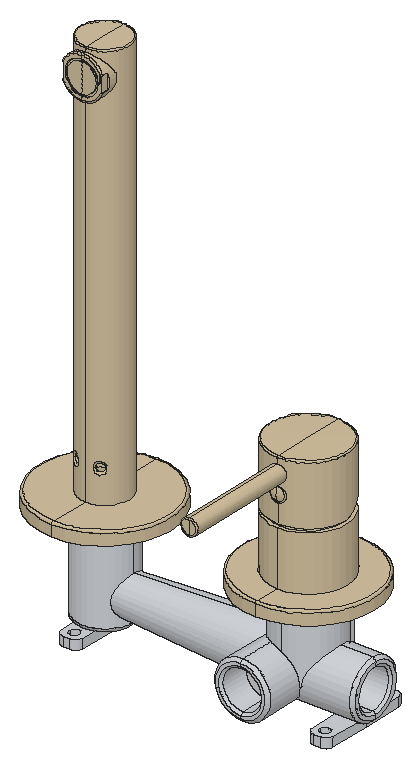
Revit family "Reece_Tap_Mizu_Drift_Wall Basin or Bath Mixer_Straight_2 Cover Plate", category Plumbing Fixtures, host Face, Revit 2018
Family settings
  Host = Face
  Round Connector Dimension = Use Diameter
  Part Type = Normal
  Cut with Voids When Loaded = No
  Shared = Yes
  Room Calculation Point = Yes
Parameters (values of type "194 mm_Brushed Brass")
  WFU = 0  # constant formula
  URL = "https://www.reece.com.au/product/-2267392"
  Type Comments = "Tap"
  Reece_Tap_Reach = 194 mm  # constant formula
  Reece_Tap_Inlet = 25 mm  # constant formula
  Reece_Product_Web Page = "https://www.reece.com.au/product/-2267392"
  Reece_Product_Type = "Tap"  # constant formula
  Reece_Product_Sub Brand = "Drift"  # constant formula
  Reece_Product_Number = "2267392"
  Reece_Product_Mount = "Wall Mounted"  # constant formula
  Reece_Product_Description = "Mizu Drift Wall Basin / Bath Mixer Set with Straight Spout 2 Piece Kit Brushed Brass (6 Star)"
  Reece_Product_Brand = "Mizu"  # constant formula
  Reece_Overall_Projection = 206.5 mm  # constant formula
  Reece_Overall_Height = 106 mm  # constant formula
  Reece_Nozzle_Pipe Radius = 12 mm  # constant formula
  Reece_Material_Main = Reece_Brass_Brushed
  Reece_Detail_Installation = ""
  Reece_Detail_Disclaimer = "THIS FILE IS THE PROPERTY OF THE REECE GROUP. IT MAY NOT BE REPRODUCED, REVERSE-ENGINEERED, OR MODIFIED. ANY REPUBLICATION, TRANSMISSION, OR DISTRIBUTION FOR THE PURPOSE OF COMMERCIALLY EXPLOITING THE FILES IS PROHIBITED."  # constant formula
  Reece_Detail_Connector = ""
  Reece_Detail_Additional = "2 Piece Kit"  # constant formula
  Model = "Drift"
  Manufacturer = "Mizu"
  Keynote = "Product #2267392, Reece_Tap_Mizu_Drift_Wall Basin or Bath Mixer_Straight_2 Cover Plate - 194 mm_Brushed Brass"
  HWFU = 0  # constant formula
  Disclaimer = "THIS FILE IS THE PROPERTY OF THE REECE GROUP. IT MAY NOT BE REPRODUCED, REVERSE-ENGINEERED, OR MODIFIED. ANY REPUBLICATION, TRANSMISSION, OR DISTRIBUTION FOR THE PURPOSE OF COMMERCIALLY EXPLOITING THE FILES IS PROHIBITED."  # constant formula
  Description = "Mizu Drift Wall Basin / Bath Mixer Set with Straight Spout 2 Piece Kit Brushed Brass (6 Star)"
  Default Elevation = 1000 mm
  CWFU = 0  # constant formula
Types (5, lengths in mm): name | URL | Reece_Product_Web Page | Reece_Product_Number | Reece_Product_Description | Reece_Material_Main | Keynote | Description
  194 mm_Brushed Nickel | "https://www.reece.com.au/product/-2267378" | "https://www.reece.com.au/product/-2267378" | "2267378" | "Mizu Drift Wall Basin / Bath Mixer Set with Straight Spout 2 Piece Kit Brushed Nickel (6 Star)" | Reece_Brass_Brushed Nickel | "Product #2267378, Reece_Tap_Mizu_Drift_Wall Basin or Bath Mixer_Straight_2 Cover Plate - 194 mm_Brushed Nickel" | "Mizu Drift Wall Basin / Bath Mixer Set with Straight Spout 2 Piece Kit Brushed Nickel (6 Star)"
  194 mm_Chrome | "https://www.reece.com.au/product/-2267364" | "https://www.reece.com.au/product/-2267364" | "2267364" | "Mizu Drift Wall Basin / Bath Mixer Set with Straight Spout 2 Piece Kit Chrome (6 Star)" | Reece_Brass_Chrome | "Product #2267364, Reece_Tap_Mizu_Drift_Wall Basin or Bath Mixer_Straight_2 Cover Plate - 194 mm_Chrome" | "Mizu Drift Wall Basin / Bath Mixer Set with Straight Spout 2 Piece Kit Chrome (6 Star)"
  194 mm_Matte Black | "https://www.reece.com.au/product/-2267371" | "https://www.reece.com.au/product/-2267371" | "2267371" | "Mizu Drift Wall Basin / Bath Mixer Set with Straight Spout 2 Piece Kit Matte Black (6 Star)" | Reece_Brass_Matte Black | "Product #2267371, Reece_Tap_Mizu_Drift_Wall Basin or Bath Mixer_Straight_2 Cover Plate - 194 mm_Matte Black" | "Mizu Drift Wall Basin / Bath Mixer Set with Straight Spout 2 Piece Kit Matte Black (6 Star)"
  194 mm_Brushed Gunmetal | "https://www.reece.com.au/product/-2267385" | "https://www.reece.com.au/product/-2267385" | "2267385" | "Mizu Drift Wall Basin / Bath Mixer Set with Straight Spout 2 Piece Kit Brushed Gunmetal (6 Star)" | Reece_Brass_Brushed Gunmetal | "Product #2267385, Reece_Tap_Mizu_Drift_Wall Basin or Bath Mixer_Straight_2 Cover Plate - 194 mm_Brushed Gunmetal" | "Mizu Drift Wall Basin / Bath Mixer Set with Straight Spout 2 Piece Kit Brushed Gunmetal (6 Star)"
  194 mm_Brushed Brass | "https://www.reece.com.au/product/-2267392" | "https://www.reece.com.au/product/-2267392" | "2267392" | "Mizu Drift Wall Basin / Bath Mixer Set with Straight Spout 2 Piece Kit Brushed Brass (6 Star)" | Reece_Brass_Brushed | "Product #2267392, Reece_Tap_Mizu_Drift_Wall Basin or Bath Mixer_Straight_2 Cover Plate - 194 mm_Brushed Brass" | "Mizu Drift Wall Basin / Bath Mixer Set with Straight Spout 2 Piece Kit Brushed Brass (6 Star)"
Reference planes
  plane 1 "Center (Front/Back)": y = 0
  plane 2: z = 0
  plane 3 "Center (Left/Right)": x = 0
  plane 4 "Overall Height": z = 206.5
  plane 5 "Center L/S": z = 194
  plane 6: z = 6.5
  plane 7: y = 32.611
  plane 8: y = -73.389
  plane 9: z = 65
Forms (mm)
  Revolve 1, solid, material "Reece_Brass_Brushed" <- "Reece_Material_Main"
    sketch origin (-50, -112.607, -9.727) x (0, 0.139173, -0.990268) y (0, 0.990268, 0.139173)
      loop
        arc (-196.288, 153.418) -> (-196.657, 153.323) -> (-196.85, 152.995) r 0.498
        line (-196.85, 152.995) -> (-198.451, 141.604) -> (-0.397, 113.77) -> (1.273, 125.653) -> (-196.288, 153.418)
      axis (-0.397, 113.77) -> (-198.451, 141.604)
    angle from 0 to 360
  Revolve 2, solid, material "Reece_Brass_Brushed" <- "Reece_Material_Main"
    sketch origin (-50, 0, 0) x (0, 1, 0) y (0, 0, 1)
      loop
        line (32.5, 0) -> (32.5, 5.5)
        arc (32.5, 5.5) -> (32.207, 6.207) -> (31.5, 6.5) r 1
        line (31.5, 6.5) -> (10.25, 6.5) -> (10.25, 3) -> (24, 3) -> (24, 0) -> (32.5, 0)
      axis (0, 6.5) -> (0, 0)
    angle from 0 to 360
  Revolve 3, solid, material "Reece_Brass_Brushed" <- "Reece_Material_Main"
    sketch origin (49.911, 0.055, -117.916) x (0, 1, 0) y (0, 0, 1)
      loop
        line (-19, 151.032) -> (-19, 117.916) -> (0, 117.916) -> (0, 157.032) -> (-13.55, 157.032) -> (-13.55, 160.716)
        arc (-13.55, 160.716) -> (-15.908, 156.1) -> (-17, 151.032) r 20
        line (-17, 151.032) -> (-19, 151.032)
      axis (0, 160.716) -> (0, 117.916)
    angle from 0 to 360
  Extrusion 4, void
    sketch origin (49.911, 5.683, 44.859) x (0, -0.91357, -0.406681) y (1, 0, 0)
      loop
        line (39.237, 24.5) -> (-51.116, 24.5) -> (-51.116, -24.5) -> (39.237, -24.5) -> (39.237, 24.5)
    from -20.185 to -6.612
  Revolve 5, solid, material "Reece_Brass_Brushed" <- "Reece_Material_Main"
    sketch origin (49.911, 0.055, -119) x (0, 1, 0) y (0, 0, 1)
      loop
        line (-73.445, 176.258) -> (-11.215, 176.258) -> (-11.215, 179.458) -> (-12.015, 180.258) -> (-72.945, 180.258)
        arc (-72.945, 180.258) -> (-73.298, 180.112) -> (-73.445, 179.758) r 0.5
        line (-73.445, 179.758) -> (-73.445, 176.258)
      axis (-11.215, 176.258) -> (-73.445, 176.258)
    angle from 0 to 360
  Revolve 6, solid, material "Reece_Brass_Brushed" <- "Reece_Material_Main"
    sketch origin (49.911, 0.055, -119) x (0, 1, 0) y (0, 0, 1)
      loop
        arc (-18.424, 183.634) -> (-18.833, 183.45) -> (-19, 183.034) r 0.6
        line (-19, 183.034) -> (-19, 154.116) -> (-17.998, 154.116) -> (-17.5, 161.235) -> (-17.5, 164.116) -> (0, 164.116) -> (0, 184)
        arc (0, 184) -> (-9.214, 183.908) -> (-18.424, 183.634) r 466.11
      axis (0, 184) -> (0, 154.116)
    angle from 0 to 360
  Revolve 7, solid, material "Reece_Brass_Brushed" <- "Reece_Material_Main"
    sketch origin (49.911, 0.055, 0.5) x (0, 1, 0) y (0, 0, 1)
      loop
        arc (-31.555, 6) -> (-32.262, 5.707) -> (-32.555, 5) r 1
        line (-32.555, 5) -> (-32.555, -0.5) -> (-19.305, -0.5) -> (-19.305, 6) -> (-31.555, 6)
      axis (0, 6) -> (0, -0.5)
    angle from 0 to 360
  Revolve 8, void
    sketch origin (-53.474, -6.018, 22.5) x (0.5, 0.866025, 0) y (-0.866025, 0.5, 0)
      loop
        line (-3.414, 2.1) -> (-4.254, 2.1) -> (-5.911, 4.186) -> (-5.911, 0) -> (-3.643, 0)
        arc (-3.643, 0) -> (-3.604, 1.058) -> (-3.414, 2.1) r 7.404
      axis (-5.911, 0) -> (-3.414, 0)
    angle from 0 to 360
  Revolve 9, void
    sketch origin (-46.526, -6.018, 22.5) x (-0.5, 0.866025, 0) y (-0.866025, -0.5, 0)
      loop
        arc (-3.414, -2.1) -> (-3.604, -1.058) -> (-3.643, 0) r 7.404
        line (-3.643, 0) -> (-5.911, 0) -> (-5.911, -4.186) -> (-4.254, -2.1) -> (-3.414, -2.1)
      axis (-5.911, 0) -> (-3.414, 0)
    angle from 0 to 360
  Extrusion 10, solid
    sketch origin (49.911, 7.086, -35) x (0, -1, 0) y (0, 0, 1)
      loop
        arc (-8.914, -1.5) -> (-5.253, -10.339) -> (3.586, -14) r 12.5
        line (3.586, -14) -> (7.086, -14) -> (7.086, -11) -> (3.586, -11)
        arc (3.586, -11) -> (-3.132, -8.218) -> (-5.914, -1.5) r 9.5
        line (-5.914, -1.5) -> (-5.914, 35) -> (-12.914, 35) -> (-12.914, 33.5)
        arc (-12.914, 33.5) -> (-12.621, 32.793) -> (-11.914, 32.5) r 1
        line (-11.914, 32.5) -> (-10.914, 32.5)
        arc (-10.914, 32.5) -> (-9.5, 31.914) -> (-8.914, 30.5) r 2
        line (-8.914, 30.5) -> (-8.914, -1.5)
    from 9.327 to -9.327
  Revolve 11, solid
    sketch origin (49.911, 7.086, -35) x (0, -1, 0) y (0, 0, 1)
      loop
        line (27.086, 33.5) -> (27.086, 35) -> (7.086, 35) -> (7.086, -1.146) -> (23.086, -1.146) -> (23.086, 30.5)
        arc (23.086, 30.5) -> (23.671, 31.914) -> (25.086, 32.5) r 2
        line (25.086, 32.5) -> (26.086, 32.5)
        arc (26.086, 32.5) -> (26.793, 32.793) -> (27.086, 33.5) r 1
      axis (7.086, 35) -> (7.086, -1.146)
    angle from 0 to 360
  Extrusion 12, void
    sketch origin (49.911, 7.086, -35) x (0, -1, 0) y (0, 0, 1)
      loop
        arc (-29.2, -13.737) -> (-25.539, -22.576) -> (-16.7, -26.237) r 12.5
        line (-16.7, -26.237) -> (7.086, -26.237) -> (7.086, -11) -> (3.586, -11)
        arc (3.586, -11) -> (-3.132, -8.218) -> (-5.914, -1.5) r 9.5
        line (-5.914, -1.5) -> (-5.914, 35) -> (-12.914, 35) -> (-12.914, 33.5)
        arc (-12.914, 33.5) -> (-12.621, 32.793) -> (-11.914, 32.5) r 1
        line (-11.914, 32.5) -> (-29.2, 32.5) -> (-29.2, -13.737)
    from 23.664 to -25.317
  Revolve 13, solid
    sketch origin (49.911, 7.086, -35) x (0, -1, 0) y (0, 0, 1)
      loop
        line (27.086, 33.5) -> (27.086, 35) -> (7.086, 35) -> (7.086, 30.5) -> (23.086, 30.5)
        arc (23.086, 30.5) -> (23.671, 31.914) -> (25.086, 32.5) r 2
        line (25.086, 32.5) -> (26.086, 32.5)
        arc (26.086, 32.5) -> (26.793, 32.793) -> (27.086, 33.5) r 1
      axis (7.086, 35) -> (7.086, 30.5)
    angle from 0 to 360
  Revolve 14, solid
    sketch origin (43, 7.086, -35) x (0, -1, 0) y (0, 0, 1)
      loop
        line (8.163, -13.75) -> (38.586, -13.75) -> (40.086, -12.25) -> (40.086, -10.7) -> (38.886, -9.5) -> (25.086, -9.5) -> (25.086, 0) -> (8.163, 0) -> (8.163, -13.75)
      axis (8.163, 0) -> (40.086, 0)
    angle from 0 to 360
  Revolve 15, solid
    sketch origin (0, 0, 0) x (1, 0, 0) y (0, 0, 1)
      loop
        line (-48.087, -44.103) -> (43, -49) -> (81.5, -49) -> (83, -47.5) -> (83, -45.7) -> (81.8, -44.5) -> (68, -44.5) -> (68, -35) -> (-48.087, -35) -> (-48.087, -44.103)
      axis (83, -35) -> (-48.087, -35)
    angle from 0 to 360
  Revolve 16, solid
    sketch origin (0, 0, 0) x (1, 0, 0) y (0, 0, 1)
      loop
        line (-50, 3.5) -> (-64, 3.5) -> (-64, -46.75)
        arc (-64, -46.75) -> (-63.414, -48.164) -> (-62, -48.75) r 2
        line (-62, -48.75) -> (-50, -48.75) -> (-50, 3.5)
      axis (-50, -48.75) -> (-50, 3.5)
    angle from 0 to 360
  Extrusion 17, solid
    sketch origin (0, 0, 0) x (1, 0, 0) y (0, 1, 0)
      loop
        line (-44.179, 0) -> (-44.882, 20.122)
        arc (-44.882, 20.122) -> (-45.949, 22.518) -> (-48.38, 23.5) r 3.5
        line (-48.38, 23.5) -> (-51.62, 23.5)
        arc (-51.62, 23.5) -> (-54.051, 22.518) -> (-55.118, 20.122) r 3.5
        line (-55.118, 20.122) -> (-55.821, 0) -> (-55.118, -20.122)
        arc (-55.118, -20.122) -> (-54.051, -22.518) -> (-51.62, -23.5) r 3.5
        line (-51.62, -23.5) -> (-48.38, -23.5)
        arc (-48.38, -23.5) -> (-45.949, -22.518) -> (-44.882, -20.122) r 3.5
        line (-44.882, -20.122) -> (-44.179, 0)
      loop
        circle (-50, 18.5) r 2.5
      loop
        circle (-50, -18.5) r 2.5
      loop
        line (78.118, -20.122) -> (78.821, 0) -> (78.118, 20.122)
        arc (78.118, 20.122) -> (77.051, 22.518) -> (74.62, 23.5) r 3.5
        line (74.62, 23.5) -> (71.38, 23.5)
        arc (71.38, 23.5) -> (68.949, 22.518) -> (67.882, 20.122) r 3.5
        line (67.882, 20.122) -> (67.179, 0) -> (67.882, -20.122)
        arc (67.882, -20.122) -> (68.949, -22.518) -> (71.38, -23.5) r 3.5
        line (71.38, -23.5) -> (74.62, -23.5)
        arc (74.62, -23.5) -> (77.051, -22.518) -> (78.118, -20.122) r 3.5
      loop
        circle (73, -18.5) r 2.5
      loop
        circle (73, 18.5) r 2.5
    from -52.75 to -48.3
  Revolve 18, void
    sketch origin (49.911, 7.086, -35) x (0, -1, 0) y (0, 0, 1)
      loop
        line (27.086, -11.609) -> (27.086, 38.751) -> (7.086, 38.751) -> (7.086, -11.609) -> (27.086, -11.609)
      axis (7.086, 38.751) -> (7.086, -11.609)
    angle from 0 to 360
  Revolve 19, void
    sketch origin (0, 0, 0) x (1, 0, 0) y (0, 0, 1)
      loop
        line (-50, 11.25) -> (-64, 11.25) -> (-64, -48.75) -> (-50, -48.75) -> (-50, 11.25)
      axis (-50, -48.75) -> (-50, 11.25)
    angle from 0 to 360
  Revolve 20, solid, material "Reece_Brass_Brushed" <- "Reece_Material_Main"
    sketch origin (49.911, 0.967, -121.614) x (0, -1, 0) y (0, 0, -1)
      loop
        arc (19.269, -173.642) -> (19.651, -173.532) -> (19.915, -173.234) r 0.716
        arc (19.915, -173.234) -> (20.503, -171.536) -> (20.702, -169.75) r 8.104
        line (20.702, -169.75) -> (16.178, -169.75) -> (16.178, -173.642) -> (19.269, -173.642)
      axis (16.178, -169.75) -> (20.702, -169.75)
    angle from 0 to 360
  Revolve 21, void
    sketch origin (49.911, 0.967, -121.614) x (0, -1, 0) y (0, 0, -1)
      loop
        arc (20.458, -173.621) -> (20.84, -173.51) -> (21.104, -173.213) r 0.716
        arc (21.104, -173.213) -> (21.689, -171.525) -> (21.891, -169.75) r 8.104
        line (21.891, -169.75) -> (17.922, -169.75) -> (17.922, -173.621) -> (20.458, -173.621)
      axis (17.922, -169.75) -> (21.891, -169.75)
    angle from 0 to 360
  Revolve 22, solid, material "Reece_Brass_Brushed" <- "Reece_Material_Main"
    sketch origin (-50, -109.164, 56.66) x (0, 0.139173, -0.990268) y (0, 0.990268, 0.139173)
      loop
        arc (-133.111, 115.207) -> (-133.015, 114.836) -> (-132.685, 114.642) r 0.5
        line (-132.685, 114.642) -> (-122.782, 113.251) -> (-120.106, 132.294) -> (-130.504, 133.756) -> (-133.111, 115.207)
      axis (-122.782, 113.251) -> (-120.106, 132.294)
    angle from 0 to 360
  Revolve 23, void
    sketch origin (-50, -109.164, 58.46) x (0, 0.139173, -0.990268) y (0, 0.990268, 0.139173)
      loop
        line (-128.023, 114.365) -> (-129.064, 114.512) -> (-129.194, 113.586) -> (-128.153, 113.44) -> (-128.023, 114.365)
      axis (-121.078, 112.446) -> (-120.939, 113.436)
    angle from 0 to 360
  Extrusion 24, void
    sketch origin (-50, -107.533, 57.385) x (0, 0.150677, -0.988583) y (0, 0.988583, 0.150677)
      loop
        line (-116.403, 116.238) -> (-124.512, 117.474) -> (-125.375, 111.811) -> (-117.266, 110.575) -> (-116.403, 116.238)
    from -11.747 to -9
  Extrusion 25, void
    sketch origin (-50, -107.533, 57.385) x (0, 0.150677, -0.988583) y (0, -0.988583, -0.150677)
      loop
        line (-116.403, -116.238) -> (-117.266, -110.575) -> (-125.375, -111.811) -> (-124.512, -117.474) -> (-116.403, -116.238)
    from -11.747 to -9
Cuts and joins
  Revolve 8, Revolve 9 cuts Revolve 1
  Revolve 23, Extrusion 24, Extrusion 25 cuts Revolve 22
  joined: Revolve 1, Revolve 2, Revolve 22
  Extrusion 4, Revolve 21 cuts Revolve 6
  joined: Revolve 5, Revolve 6
  Extrusion 12 cuts Revolve 11
  joined: Revolve 11, Revolve 13, Revolve 14, Revolve 15, Revolve 16, Extrusion 17
Lines and regions (mm)
  reference lines
    curve 1: line (-50, 0, 10.73) -> (-50, 0, 174.228)
    curve 2: line (49.911, -27.613, 23.883) -> (49.911, 43.373, 55.483)
Text (mm)
  text "Reece Copyright © 2018, Reece Ltd." at (-654.758, -253.75, 0), in view "Ref. Level"
  text "Reece ©" at (89.411, 471.952, 360.32), in view "Reece Preview"
Dimensions and locks
  "Reece_Nozzle_Pipe Radius": Revolve 1 sketch curve to Revolve 1 sketch curve
  locked: Revolve 1 sketch curve to Revolve 1 sketch curve at 0
  locked: Revolve 3 sketch curve to Revolve 3 sketch curve at 6
  Revolve 3 sketch curve to Revolve 3 sketch curve = 19 mm
  Extrusion 4 sketch curve to Extrusion 4 sketch curve = 49 mm
  locked: Revolve 5 sketch curve to Revolve 5 sketch curve at 4
  "Reece_Overall_Height": plane 8 to plane 7
  "Reece_Overall_Projection": plane 4 "Overall Height" to level
  "Reece_Tap_Reach": plane 5 "Center L/S" to host face
  aligned and locked: plane 2 to host face
  aligned and locked: level to host face
  aligned and locked: curve 1 to Revolve 1 sketch curve
  aligned and locked: Revolve 6 sketch curve to Revolve 6 sketch curve
Automatic sketch dimensions
  host sketch curve to host sketch curve = 380.785 mm
  host sketch curve to host sketch curve = 317.421 mm
  curve 1 to plane 1 "Center (Front/Back)" = 0 mm
  level to curve 1 = 10.73 mm
  Revolve 2 sketch curve to plane 1 "Center (Front/Back)" = 0 mm
  Revolve 2 sketch curve to level = 0 mm
  level to Revolve 2 sketch curve = 3 mm
  Revolve 2 sketch curve to plane 1 "Center (Front/Back)" = 10.25 mm
  Revolve 2 sketch curve to Revolve 2 sketch curve = 13.75 mm
  Revolve 2 sketch curve to Revolve 2 sketch curve = 7.5 mm
  Revolve 2 sketch curve to Revolve 2 sketch curve = 1 mm
  level to Revolve 2 sketch curve = 5.5 mm
  Revolve 2 sketch curve to level = 609.6 mm
  plane 4 "Overall Height" to Revolve 2 sketch curve = 2138.807 mm
  plane 1 "Center (Front/Back)" to curve 2 = 27.613 mm
  level to curve 2 = 23.883 mm
  curve 2 to plane 1 "Center (Front/Back)" = 43.373 mm
  plane 3 "Center (Left/Right)" to Extrusion 4 sketch curve = 74.411 mm
  Extrusion 4 sketch curve to Extrusion 4 sketch curve = 90.354 mm
  Revolve 7 sketch curve to level = 0 mm
  plane 1 "Center (Front/Back)" to Revolve 7 sketch curve = 32.5 mm
  Revolve 7 sketch curve to Revolve 7 sketch curve = 1 mm
  Revolve 7 sketch curve to Revolve 7 sketch curve = 12.25 mm
  level to Revolve 7 sketch curve = 5.5 mm
  Revolve 7 sketch curve to plane 1 "Center (Front/Back)" = 0.055 mm
  Revolve 7 sketch curve to level = 340.31 mm
  plane 4 "Overall Height" to Revolve 7 sketch curve = 2240.87 mm
  Revolve 8 sketch curve to Revolve 8 sketch curve = 0.229 mm
  Revolve 8 sketch curve to Revolve 8 sketch curve = 0.839 mm
  Revolve 8 sketch curve to Revolve 8 sketch curve = 2.268 mm
  Revolve 8 sketch curve to Revolve 8 sketch curve = 1.657 mm
  Revolve 8 sketch curve to Revolve 8 sketch curve = 2.086 mm
  Revolve 9 sketch curve to Revolve 9 sketch curve = 0.839 mm
  Revolve 9 sketch curve to Revolve 9 sketch curve = 1.657 mm  (x2)
  Revolve 9 sketch curve to Revolve 9 sketch curve = 2.086 mm
  Extrusion 10 sketch curve to Extrusion 10 sketch curve = 0 mm  (x5)
  Extrusion 10 sketch curve to Extrusion 10 sketch curve = 1 mm  (x2)
  Extrusion 10 sketch curve to Extrusion 10 sketch curve = 2 mm
  Extrusion 10 sketch curve to Extrusion 10 sketch curve = 3 mm  (x2)
  Extrusion 10 sketch curve to Extrusion 10 sketch curve = 3.5 mm
  Extrusion 10 sketch curve to Extrusion 10 sketch curve = 4.5 mm
  Revolve 11 sketch curve to Revolve 11 sketch curve = 16 mm
  Revolve 11 sketch curve to Revolve 11 sketch curve = 2 mm
  Revolve 11 sketch curve to Revolve 11 sketch curve = 1 mm  (x2)
  Extrusion 12 sketch curve to Extrusion 12 sketch curve = 12.5 mm
  Extrusion 12 sketch curve to Extrusion 12 sketch curve = 1 mm
  Extrusion 12 sketch curve to Extrusion 12 sketch curve = 3.5 mm
  Extrusion 12 sketch curve to Extrusion 12 sketch curve = 1.5 mm
  Revolve 13 sketch curve to Revolve 13 sketch curve = 16 mm
  Revolve 13 sketch curve to Revolve 13 sketch curve = 2 mm
  Revolve 13 sketch curve to Revolve 13 sketch curve = 1 mm  (x2)
  Revolve 13 sketch curve to Revolve 13 sketch curve = 1.5 mm
  Revolve 15 sketch curve to plane 3 "Center (Left/Right)" = 48.087 mm
  plane 3 "Center (Left/Right)" to Revolve 15 sketch curve = 43 mm
  Revolve 15 sketch curve to Revolve 15 sketch curve = 25 mm
  Revolve 15 sketch curve to Revolve 15 sketch curve = 13.5 mm
  Revolve 15 sketch curve to Revolve 15 sketch curve = 0.3 mm
  Revolve 15 sketch curve to Revolve 15 sketch curve = 1.5 mm  (x2)
  Revolve 15 sketch curve to level = 49 mm
  Revolve 15 sketch curve to Revolve 15 sketch curve = 0 mm  (x2)
  Revolve 15 sketch curve to Revolve 15 sketch curve = 1.8 mm
  Revolve 15 sketch curve to Revolve 15 sketch curve = 1.2 mm
  Revolve 15 sketch curve to level = 44.103 mm
  Revolve 15 sketch curve to Revolve 15 sketch curve = 9.5 mm
  Revolve 15 sketch curve to Revolve 15 sketch curve = 12.337 mm
  Revolve 15 sketch curve to Revolve 15 sketch curve = 25.491 mm
  level to Revolve 16 sketch curve = 3.5 mm
  Revolve 16 sketch curve to plane 3 "Center (Left/Right)" = 64 mm
  Revolve 16 sketch curve to Revolve 16 sketch curve = 2 mm
  Revolve 16 sketch curve to Revolve 16 sketch curve = 14 mm
  Revolve 16 sketch curve to level = 46.75 mm
  Revolve 16 sketch curve to Revolve 16 sketch curve = 0 mm
  Revolve 16 sketch curve to level = 4.525 mm
  Revolve 16 sketch curve to Revolve 16 sketch curve = 17.25 mm
  plane 1 "Center (Front/Back)" to Extrusion 17 sketch curve = 0 mm  (x4)
  Extrusion 17 sketch curve to plane 3 "Center (Left/Right)" = 55.821 mm
  Extrusion 17 sketch curve to plane 1 "Center (Front/Back)" = 20.122 mm  (x4)
  Extrusion 17 sketch curve to Extrusion 17 sketch curve = 0.703 mm  (x4)
  plane 1 "Center (Front/Back)" to Extrusion 17 sketch curve = 20.122 mm  (x4)
  Extrusion 17 sketch curve to Extrusion 17 sketch curve = 3.498 mm  (x8)
  Extrusion 17 sketch curve to Extrusion 17 sketch curve = 1.62 mm  (x5)
  Extrusion 17 sketch curve to Extrusion 17 sketch curve = 3.24 mm  (x3)
  Extrusion 17 sketch curve to Extrusion 17 sketch curve = 11.641 mm  (x2)
  plane 3 "Center (Left/Right)" to Extrusion 17 sketch curve = 67.179 mm
  Extrusion 17 sketch curve to Extrusion 17 sketch curve = 3.378 mm  (x2)
  Extrusion 17 sketch curve to Extrusion 17 sketch curve = 1.5 mm  (x4)
  Extrusion 17 sketch curve to Extrusion 17 sketch curve = 1.622 mm  (x2)
  Revolve 19 sketch curve to plane 3 "Center (Left/Right)" = 64 mm
  Revolve 19 sketch curve to Revolve 19 sketch curve = 14 mm
  Revolve 19 sketch curve to level = 48.75 mm
  level to Revolve 19 sketch curve = 11.25 mm
  Revolve 19 sketch curve to Revolve 19 sketch curve = 0 mm
  Revolve 19 sketch curve to Revolve 19 sketch curve = 17.25 mm
  Revolve 19 sketch curve to level = 4.525 mm
  plane 1 "Center (Front/Back)" to Revolve 20 sketch curve = 11.631 mm
  Revolve 20 sketch curve to Revolve 20 sketch curve = 3.58 mm
  Revolve 20 sketch curve to Revolve 20 sketch curve = 3.091 mm
  Revolve 20 sketch curve to Revolve 20 sketch curve = 1.433 mm
  Revolve 20 sketch curve to Revolve 20 sketch curve = 0.716 mm
  Revolve 20 sketch curve to Revolve 20 sketch curve = 3.892 mm
  Revolve 20 sketch curve to Revolve 20 sketch curve = 0.925 mm
  Revolve 20 sketch curve to Revolve 20 sketch curve = 4.804 mm
  Revolve 20 sketch curve to Revolve 20 sketch curve = 0 mm
  plane 1 "Center (Front/Back)" to Revolve 21 sketch curve = 12.82 mm
  Revolve 21 sketch curve to Revolve 21 sketch curve = 4.135 mm
  Revolve 21 sketch curve to Revolve 21 sketch curve = 2.536 mm
  Revolve 21 sketch curve to Revolve 21 sketch curve = 1.433 mm
  Revolve 21 sketch curve to Revolve 21 sketch curve = 0.716 mm
  Revolve 21 sketch curve to Revolve 21 sketch curve = 3.871 mm
  Revolve 21 sketch curve to Revolve 21 sketch curve = 0.021 mm
  Revolve 21 sketch curve to Revolve 21 sketch curve = 0.264 mm
  Revolve 21 sketch curve to Revolve 21 sketch curve = 3.615 mm
  Revolve 21 sketch curve to Revolve 21 sketch curve = 0 mm
  plane 1 "Center (Front/Back)" to Revolve 5 sketch curve = 73.389 mm
  Revolve 5 sketch curve to Revolve 5 sketch curve = 0.5 mm
  plane 1 "Center (Front/Back)" to Revolve 5 sketch curve = 11.96 mm
  Revolve 5 sketch curve to Revolve 5 sketch curve = 0.8 mm  (x2)
  Revolve 5 sketch curve to Revolve 5 sketch curve = 1.183 mm
  Revolve 5 sketch curve to plane 1 "Center (Front/Back)" = 0.242 mm
  Revolve 5 sketch curve to Revolve 5 sketch curve = 0 mm
  plane 6 to curve 2 = 48.983 mm
  plane 6 to Revolve 5 sketch curve = 50.758 mm
  plane 6 to Revolve 20 sketch curve = 45.528 mm
  plane 6 to Revolve 21 sketch curve = 45.507 mm
  Revolve 3 sketch curve to level = 0 mm
  plane 1 "Center (Front/Back)" to Revolve 3 sketch curve = 18.945 mm
  Revolve 3 sketch curve to Revolve 3 sketch curve = 2 mm
  Revolve 3 sketch curve to Revolve 3 sketch curve = 3.45 mm
  Revolve 3 sketch curve to plane 1 "Center (Front/Back)" = 0.055 mm
  Revolve 3 sketch curve to plane 1 "Center (Front/Back)" = 2.988 mm
  plane 6 to Revolve 3 sketch curve = 24.972 mm
  Revolve 3 sketch curve to Revolve 3 sketch curve = 1.644 mm
  Revolve 3 sketch curve to Revolve 3 sketch curve = 458.726 mm
  plane 4 "Overall Height" to Revolve 3 sketch curve = 2122.454 mm
  curve 1 to plane 5 "Center L/S" = 19.772 mm
  plane 1 "Center (Front/Back)" to Revolve 8 sketch curve = 0 mm
  plane 1 "Center (Front/Back)" to Revolve 8 sketch curve = 9.044 mm
  Revolve 8 sketch curve to plane 3 "Center (Left/Right)" = 60.055 mm
  Revolve 8 sketch curve to Revolve 8 sketch curve = 7.171 mm
  Revolve 8 sketch curve to Revolve 8 sketch curve = 1.844 mm
  Revolve 8 sketch curve to Revolve 8 sketch curve = 3.643 mm
  Revolve 8 sketch curve to Revolve 8 sketch curve = 3.192 mm
  plane 1 "Center (Front/Back)" to Revolve 9 sketch curve = 0 mm
  plane 1 "Center (Front/Back)" to Revolve 9 sketch curve = 9.044 mm
  Revolve 9 sketch curve to plane 3 "Center (Left/Right)" = 39.945 mm
  Revolve 9 sketch curve to Revolve 9 sketch curve = 0.229 mm
  Revolve 9 sketch curve to Revolve 9 sketch curve = 7.171 mm
  Revolve 9 sketch curve to Revolve 9 sketch curve = 1.844 mm
  Revolve 9 sketch curve to Revolve 9 sketch curve = 3.643 mm
  Revolve 9 sketch curve to Revolve 9 sketch curve = 3.192 mm
  Extrusion 10 sketch curve to level = 0 mm
  Extrusion 10 sketch curve to plane 1 "Center (Front/Back)" = 0 mm
  Extrusion 10 sketch curve to Extrusion 10 sketch curve = 9.5 mm
  Extrusion 10 sketch curve to Extrusion 10 sketch curve = 32 mm
  Revolve 11 sketch curve to plane 1 "Center (Front/Back)" = 0 mm  (x2)
  Revolve 11 sketch curve to level = 0 mm
  Revolve 11 sketch curve to level = 1.5 mm
  Revolve 11 sketch curve to Revolve 11 sketch curve = 31.646 mm
  plane 6 to Revolve 11 sketch curve = 23.5 mm
  Revolve 11 sketch curve to Revolve 11 sketch curve = 10 mm
  Extrusion 12 sketch curve to level = 0 mm
  Extrusion 12 sketch curve to plane 1 "Center (Front/Back)" = 0 mm
  Extrusion 12 sketch curve to Extrusion 12 sketch curve = 9.5 mm
  Extrusion 12 sketch curve to plane 1 "Center (Front/Back)" = 13 mm
  Extrusion 12 sketch curve to Extrusion 12 sketch curve = 6 mm
  plane 7 to Extrusion 12 sketch curve = 8.824 mm
  Extrusion 12 sketch curve to level = 36.5 mm
  Extrusion 12 sketch curve to Extrusion 12 sketch curve = 0 mm
  Extrusion 12 sketch curve to Extrusion 12 sketch curve = 12.237 mm
  Revolve 13 sketch curve to plane 1 "Center (Front/Back)" = 0 mm  (x2)
  Revolve 13 sketch curve to level = 0 mm
  plane 6 to Revolve 13 sketch curve = 23.5 mm
  Revolve 13 sketch curve to Revolve 13 sketch curve = 10 mm
  plane 1 "Center (Front/Back)" to Revolve 14 sketch curve = 1.078 mm
  Revolve 14 sketch curve to Revolve 14 sketch curve = 16.922 mm
  Revolve 14 sketch curve to Revolve 14 sketch curve = 13.5 mm
  Revolve 14 sketch curve to Revolve 14 sketch curve = 0.3 mm
  Revolve 14 sketch curve to Revolve 14 sketch curve = 1.5 mm  (x2)
  Revolve 14 sketch curve to level = 48.75 mm
  Revolve 14 sketch curve to Revolve 14 sketch curve = 1.55 mm
  Revolve 14 sketch curve to Revolve 14 sketch curve = 4.25 mm
  Revolve 14 sketch curve to Revolve 14 sketch curve = 9.5 mm  (x2)
  Revolve 14 sketch curve to plane 1 "Center (Front/Back)" = 7.086 mm
  Revolve 14 sketch curve to Revolve 14 sketch curve = 1.114 mm
  Revolve 18 sketch curve to plane 1 "Center (Front/Back)" = 0 mm  (x2)
  Revolve 18 sketch curve to plane 6 = 2.749 mm
  plane 1 "Center (Front/Back)" to Revolve 18 sketch curve = 20 mm
  Revolve 18 sketch curve to level = 46.609 mm
  plane 6 to Revolve 18 sketch curve = 23.5 mm
  Revolve 18 sketch curve to Revolve 18 sketch curve = 10 mm
  Revolve 6 sketch curve to Revolve 6 sketch curve = 0.6 mm
  Revolve 6 sketch curve to Revolve 6 sketch curve = 1.002 mm
  Revolve 6 sketch curve to Revolve 6 sketch curve = 0.498 mm
  Revolve 6 sketch curve to plane 9 = 0 mm
  Revolve 6 sketch curve to plane 1 "Center (Front/Back)" = 0.055 mm
  Revolve 6 sketch curve to plane 1 "Center (Front/Back)" = 0.111 mm
  Revolve 6 sketch curve to plane 9 = 0.966 mm
  Revolve 6 sketch curve to Revolve 6 sketch curve = 18.918 mm
  Revolve 6 sketch curve to Revolve 6 sketch curve = 2.881 mm
  Revolve 6 sketch curve to Revolve 6 sketch curve = 7.119 mm
  Revolve 6 sketch curve to plane 9 = 0.367 mm
  Revolve 6 sketch curve to Revolve 6 sketch curve = 0 mm
  Revolve 6 sketch curve to Revolve 6 sketch curve = 58.7 mm
  plane 4 "Overall Height" to Revolve 6 sketch curve = 2070.364 mm
  Revolve 22 sketch curve to plane 4 "Overall Height" = 1.991 mm
  plane 1 "Center (Front/Back)" to Revolve 22 sketch curve = 13.603 mm
  Revolve 22 sketch curve to Revolve 22 sketch curve = 0.426 mm
  Revolve 22 sketch curve to Revolve 22 sketch curve = 0.495 mm
  Revolve 22 sketch curve to Revolve 22 sketch curve = 2.607 mm
  Revolve 22 sketch curve to Revolve 22 sketch curve = 9.903 mm
  Revolve 22 sketch curve to Revolve 22 sketch curve = 10.398 mm
  Revolve 22 sketch curve to Revolve 22 sketch curve = 0.07 mm
  Revolve 22 sketch curve to Revolve 22 sketch curve = 1.812 mm
  Revolve 22 sketch curve to Revolve 22 sketch curve = 0.706 mm
  Revolve 22 sketch curve to Revolve 22 sketch curve = 12.891 mm
  Revolve 22 sketch curve to Revolve 22 sketch curve = 5.022 mm
  Revolve 23 sketch curve to plane 4 "Overall Height" = 4.295 mm
  plane 1 "Center (Front/Back)" to Revolve 23 sketch curve = 14.663 mm
  Revolve 23 sketch curve to Revolve 23 sketch curve = 0.13 mm
  Revolve 23 sketch curve to Revolve 23 sketch curve = 1.041 mm
  Revolve 23 sketch curve to Revolve 23 sketch curve = 0.146 mm
  Revolve 23 sketch curve to Revolve 23 sketch curve = 6.918 mm
  Revolve 23 sketch curve to Revolve 23 sketch curve = 0.607 mm
  Revolve 23 sketch curve to Revolve 23 sketch curve = 2.11 mm
  Revolve 23 sketch curve to Revolve 23 sketch curve = 4.32 mm
  plane 5 "Center L/S" to Extrusion 24 sketch curve = 4.176 mm
  plane 1 "Center (Front/Back)" to Extrusion 24 sketch curve = 15.89 mm
  Extrusion 24 sketch curve to Extrusion 24 sketch curve = 0.863 mm
  Extrusion 24 sketch curve to Extrusion 24 sketch curve = 8.109 mm
  Extrusion 24 sketch curve to Extrusion 24 sketch curve = 1.236 mm
  plane 5 "Center L/S" to Extrusion 25 sketch curve = 4.176 mm
  plane 1 "Center (Front/Back)" to Extrusion 25 sketch curve = 15.89 mm
  Extrusion 25 sketch curve to Extrusion 25 sketch curve = 0.863 mm
  Extrusion 25 sketch curve to Extrusion 25 sketch curve = 8.109 mm
  Extrusion 25 sketch curve to Extrusion 25 sketch curve = 4.428 mm
  Revolve 1 sketch curve to plane 4 "Overall Height" = 0 mm
  Revolve 1 sketch curve to plane 6 = 0 mm
  Revolve 1 sketch curve to Revolve 1 sketch curve = 1.601 mm
  Revolve 1 sketch curve to Revolve 1 sketch curve = 0.493 mm
  Revolve 1 sketch curve to Revolve 1 sketch curve = 0.069 mm
  Revolve 1 sketch curve to Revolve 1 sketch curve = 12.591 mm
  Revolve 1 sketch curve to Revolve 1 sketch curve = 26.526 mm
  radius of Extrusion 17 sketch curve = 2.5 mm  (x4)
Connectors
  piping at (43, -18, -35), diameter 25, driven by "Reece_Tap_Inlet"
    settings: on cut or joined group of Revolve 11, Extrusion 12, Revolve 13, Revolve 14, Revolve 15, Revolve 16, Extrusion 17, index 1, connector inside diameter 609.6 mm, connector length 0 mm, flow factor 0, pipe flow 0.0 L/s, pressure drop 0.0 Pa, fitting loss kfactor 0, connector angle 0.00°, fixture units 0, engagement length 0 mm, angle of deflection 0.00°, flow configuration 0, flow direction 1, fitting loss method 0, system type 29, joint type 0, gender type 0, connector reference index -1, connector utility 0, adjustable connector no, is connector primary yes, connector description "Hot Water"
  piping at (68, 0, -35), diameter 25, driven by "Reece_Tap_Inlet"
    settings: on cut or joined group of Revolve 11, Extrusion 12, Revolve 13, Revolve 14, Revolve 15, Revolve 16, Extrusion 17, index 2, connector inside diameter 609.6 mm, connector length 0 mm, flow factor 0, pipe flow 0.0 L/s, pressure drop 0.0 Pa, fitting loss kfactor 0, connector angle 0.00°, fixture units 0, engagement length 0 mm, angle of deflection 0.00°, flow configuration 0, flow direction 2, fitting loss method 0, system type 29, joint type 0, gender type 0, connector reference index -1, connector utility 0, adjustable connector no, is connector primary no, connector description "Cold Water"
